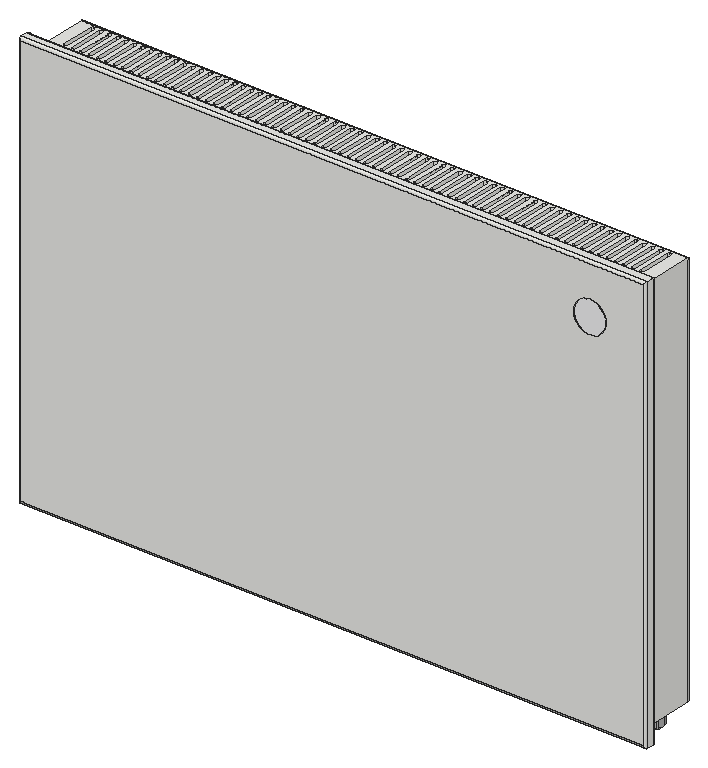
Revit family "Mondo", category Mechanical Equipment, Revit 2020 (continued)
Forms (mm)
  Extrusion 147, void
    sketch origin (-524.247, -2.968, 0) x (1, 0, 0) y (0, 1, 0)
      loop
        arc (486.747, -59.532) -> (489.247, -62.032) -> (491.747, -59.532) r 2.5
        line (491.747, -59.532) -> (491.747, -39.532)
    from 12 to 22
  Extrusion 148, void
    sketch origin (-519.247, 23.032, 0) x (1, 0, 0) y (0, 1, 0)
      loop
        line (491.747, -38.032) -> (486.747, -38.032) -> (486.747, -59.532)
        arc (486.747, -59.532) -> (489.247, -62.032) -> (491.747, -59.532) r 2.5
        line (491.747, -59.532) -> (491.747, -38.032)
    from 12 to 17
  Extrusion 149, void
    sketch origin (-534.247, -2.968, 0) x (1, 0, 0) y (0, 1, 0)
      loop
        arc (491.747, -39.532) -> (489.247, -37.032) -> (486.747, -39.532) r 2.5
        line (486.747, -39.532) -> (486.747, -59.532)
        arc (486.747, -59.532) -> (489.247, -62.032) -> (491.747, -59.532) r 2.5
        line (491.747, -59.532) -> (491.747, -39.532)
    from 12 to 22
  Extrusion 150, void
    sketch origin (-529.247, 23.032, 0) x (1, 0, 0) y (0, 1, 0)
      loop
        line (491.747, -38.032) -> (486.747, -38.032) -> (486.747, -59.532)
        arc (486.747, -59.532) -> (489.247, -62.032) -> (491.747, -59.532) r 2.5
        line (491.747, -59.532) -> (491.747, -38.032)
    from 12 to 17
  Extrusion 151, void
    sketch origin (-544.247, -2.968, 0) x (1, 0, 0) y (0, 1, 0)
      loop
        arc (491.747, -39.532) -> (489.247, -37.032) -> (486.747, -39.532) r 2.5
        line (486.747, -39.532) -> (486.747, -59.532)
        arc (486.747, -59.532) -> (489.247, -62.032) -> (491.747, -59.532) r 2.5
        line (491.747, -59.532) -> (491.747, -39.532)
    from 12 to 22
  Extrusion 152, void
    sketch origin (-539.247, 23.032, 0) x (1, 0, 0) y (0, 1, 0)
      loop
        line (491.747, -38.032) -> (486.747, -38.032) -> (486.747, -59.532)
        arc (486.747, -59.532) -> (489.247, -62.032) -> (491.747, -59.532) r 2.5
        line (491.747, -59.532) -> (491.747, -38.032)
    from 12 to 17
  Extrusion 153, void
    sketch origin (-554.247, -2.968, 0) x (1, 0, 0) y (0, 1, 0)
      loop
        arc (491.747, -39.532) -> (489.247, -37.032) -> (486.747, -39.532) r 2.5
        line (486.747, -39.532) -> (486.747, -59.532)
        arc (486.747, -59.532) -> (489.247, -62.032) -> (491.747, -59.532) r 2.5
        line (491.747, -59.532) -> (491.747, -39.532)
    from 12 to 22
  Extrusion 154, void
    sketch origin (-549.247, 23.032, 0) x (1, 0, 0) y (0, 1, 0)
      loop
        line (491.747, -38.032) -> (486.747, -38.032) -> (486.747, -59.532)
        arc (486.747, -59.532) -> (489.247, -62.032) -> (491.747, -59.532) r 2.5
        line (491.747, -59.532) -> (491.747, -38.032)
    from 12 to 17
  Extrusion 155, void
    sketch origin (-564.247, -2.968, 0) x (1, 0, 0) y (0, 1, 0)
      loop
        arc (491.747, -39.532) -> (489.247, -37.032) -> (486.747, -39.532) r 2.5
        line (486.747, -39.532) -> (486.747, -59.532)
        arc (486.747, -59.532) -> (489.247, -62.032) -> (491.747, -59.532) r 2.5
        line (491.747, -59.532) -> (491.747, -39.532)
    from 12 to 22
  Extrusion 156, void
    sketch origin (-559.247, 23.032, 0) x (1, 0, 0) y (0, 1, 0)
      loop
        line (491.747, -38.032) -> (486.747, -38.032) -> (486.747, -59.532)
        arc (486.747, -59.532) -> (489.247, -62.032) -> (491.747, -59.532) r 2.5
        line (491.747, -59.532) -> (491.747, -38.032)
    from 12 to 17
  Extrusion 157, void
    sketch origin (-574.247, -2.968, 0) x (1, 0, 0) y (0, 1, 0)
      loop
        arc (491.747, -39.532) -> (489.247, -37.032) -> (486.747, -39.532) r 2.5
        line (486.747, -39.532) -> (486.747, -59.532)
        arc (486.747, -59.532) -> (489.247, -62.032) -> (491.747, -59.532) r 2.5
        line (491.747, -59.532) -> (491.747, -39.532)
    from 12 to 22
  Extrusion 158, void
    sketch origin (-569.247, 23.032, 0) x (1, 0, 0) y (0, 1, 0)
      loop
        line (491.747, -38.032) -> (486.747, -38.032) -> (486.747, -59.532)
        arc (486.747, -59.532) -> (489.247, -62.032) -> (491.747, -59.532) r 2.5
        line (491.747, -59.532) -> (491.747, -38.032)
    from 12 to 17
  Extrusion 159, void
    sketch origin (-584.247, -2.968, 0) x (1, 0, 0) y (0, 1, 0)
      loop
        arc (491.747, -39.532) -> (489.247, -37.032) -> (486.747, -39.532) r 2.5
        line (486.747, -39.532) -> (486.747, -59.532)
        arc (486.747, -59.532) -> (489.247, -62.032) -> (491.747, -59.532) r 2.5
        line (491.747, -59.532) -> (491.747, -39.532)
    from 12 to 22
  Extrusion 160, void
    sketch origin (-579.247, 23.032, 0) x (1, 0, 0) y (0, 1, 0)
      loop
        line (491.747, -38.032) -> (486.747, -38.032) -> (486.747, -59.532)
        arc (486.747, -59.532) -> (489.247, -62.032) -> (491.747, -59.532) r 2.5
        line (491.747, -59.532) -> (491.747, -38.032)
    from 12 to 17
  Extrusion 161, void
    sketch origin (-594.247, -2.968, 0) x (1, 0, 0) y (0, 1, 0)
      loop
        arc (491.747, -39.532) -> (489.247, -37.032) -> (486.747, -39.532) r 2.5
        line (486.747, -39.532) -> (486.747, -59.532)
        arc (486.747, -59.532) -> (489.247, -62.032) -> (491.747, -59.532) r 2.5
        line (491.747, -59.532) -> (491.747, -39.532)
    from 12 to 22
  Extrusion 162, void
    sketch origin (-589.247, 23.032, 0) x (1, 0, 0) y (0, 1, 0)
      loop
        line (491.747, -38.032) -> (486.747, -38.032) -> (486.747, -59.532)
        arc (486.747, -59.532) -> (489.247, -62.032) -> (491.747, -59.532) r 2.5
        line (491.747, -59.532) -> (491.747, -38.032)
    from 12 to 17
  Extrusion 163, void
    sketch origin (-604.247, -2.968, 0) x (1, 0, 0) y (0, 1, 0)
      loop
        arc (491.747, -39.532) -> (489.247, -37.032) -> (486.747, -39.532) r 2.5
        line (486.747, -39.532) -> (486.747, -59.532)
        arc (486.747, -59.532) -> (489.247, -62.032) -> (491.747, -59.532) r 2.5
        line (491.747, -59.532) -> (491.747, -39.532)
    from 12 to 22
  Extrusion 164, void
    sketch origin (-599.247, 23.032, 0) x (1, 0, 0) y (0, 1, 0)
      loop
        line (491.747, -38.032) -> (486.747, -38.032) -> (486.747, -59.532)
        arc (486.747, -59.532) -> (489.247, -62.032) -> (491.747, -59.532) r 2.5
        line (491.747, -59.532) -> (491.747, -38.032)
    from 12 to 17
  Extrusion 165, void
    sketch origin (-614.247, -2.968, 0) x (1, 0, 0) y (0, 1, 0)
      loop
        arc (491.747, -39.532) -> (489.247, -37.032) -> (486.747, -39.532) r 2.5
        line (486.747, -39.532) -> (486.747, -59.532)
        arc (486.747, -59.532) -> (489.247, -62.032) -> (491.747, -59.532) r 2.5
        line (491.747, -59.532) -> (491.747, -39.532)
    from 12 to 22
  Extrusion 166, void
    sketch origin (-609.247, 23.032, 0) x (1, 0, 0) y (0, 1, 0)
      loop
        line (491.747, -38.032) -> (486.747, -38.032) -> (486.747, -59.532)
        arc (486.747, -59.532) -> (489.247, -62.032) -> (491.747, -59.532) r 2.5
        line (491.747, -59.532) -> (491.747, -38.032)
    from 12 to 17
  Extrusion 167, void
    sketch origin (-624.247, -2.968, 0) x (1, 0, 0) y (0, 1, 0)
      loop
        arc (491.747, -39.532) -> (489.247, -37.032) -> (486.747, -39.532) r 2.5
        line (486.747, -39.532) -> (486.747, -59.532)
        arc (486.747, -59.532) -> (489.247, -62.032) -> (491.747, -59.532) r 2.5
        line (491.747, -59.532) -> (491.747, -39.532)
    from 12 to 22
  Extrusion 168, void
    sketch origin (-619.247, 23.032, 0) x (1, 0, 0) y (0, 1, 0)
      loop
        line (491.747, -38.032) -> (486.747, -38.032) -> (486.747, -59.532)
        arc (486.747, -59.532) -> (489.247, -62.032) -> (491.747, -59.532) r 2.5
        line (491.747, -59.532) -> (491.747, -38.032)
    from 12 to 17
  Extrusion 169, void
    sketch origin (-634.247, -2.968, 0) x (1, 0, 0) y (0, 1, 0)
      loop
        arc (491.747, -39.532) -> (489.247, -37.032) -> (486.747, -39.532) r 2.5
        line (486.747, -39.532) -> (486.747, -59.532)
        arc (486.747, -59.532) -> (489.247, -62.032) -> (491.747, -59.532) r 2.5
        line (491.747, -59.532) -> (491.747, -39.532)
    from 12 to 22
  Extrusion 170, void
    sketch origin (-629.247, 23.032, 0) x (1, 0, 0) y (0, 1, 0)
      loop
        line (491.747, -38.032) -> (486.747, -38.032) -> (486.747, -59.532)
        arc (486.747, -59.532) -> (489.247, -62.032) -> (491.747, -59.532) r 2.5
        line (491.747, -59.532) -> (491.747, -38.032)
    from 12 to 17
  Extrusion 171, void
    sketch origin (-644.247, -2.968, 0) x (1, 0, 0) y (0, 1, 0)
      loop
        arc (491.747, -39.532) -> (489.247, -37.032) -> (486.747, -39.532) r 2.5
        line (486.747, -39.532) -> (486.747, -59.532)
        arc (486.747, -59.532) -> (489.247, -62.032) -> (491.747, -59.532) r 2.5
        line (491.747, -59.532) -> (491.747, -39.532)
    from 12 to 22
  Extrusion 172, void
    sketch origin (-639.247, 23.032, 0) x (1, 0, 0) y (0, 1, 0)
      loop
        line (491.747, -38.032) -> (486.747, -38.032) -> (486.747, -59.532)
        arc (486.747, -59.532) -> (489.247, -62.032) -> (491.747, -59.532) r 2.5
        line (491.747, -59.532) -> (491.747, -38.032)
    from 12 to 17
  Extrusion 173, void
    sketch origin (-654.247, -2.968, 0) x (1, 0, 0) y (0, 1, 0)
      loop
        arc (491.747, -39.532) -> (489.247, -37.032) -> (486.747, -39.532) r 2.5
        line (486.747, -39.532) -> (486.747, -59.532)
        arc (486.747, -59.532) -> (489.247, -62.032) -> (491.747, -59.532) r 2.5
        line (491.747, -59.532) -> (491.747, -39.532)
    from 12 to 22
  Extrusion 174, void
    sketch origin (-649.247, 23.032, 0) x (1, 0, 0) y (0, 1, 0)
      loop
        line (491.747, -38.032) -> (486.747, -38.032) -> (486.747, -59.532)
        arc (486.747, -59.532) -> (489.247, -62.032) -> (491.747, -59.532) r 2.5
        line (491.747, -59.532) -> (491.747, -38.032)
    from 12 to 17
  Extrusion 175, void
    sketch origin (-664.247, -2.968, 0) x (1, 0, 0) y (0, 1, 0)
      loop
        arc (491.747, -39.532) -> (489.247, -37.032) -> (486.747, -39.532) r 2.5
        line (486.747, -39.532) -> (486.747, -59.532)
        arc (486.747, -59.532) -> (489.247, -62.032) -> (491.747, -59.532) r 2.5
        line (491.747, -59.532) -> (491.747, -39.532)
    from 12 to 22
  Extrusion 176, void
    sketch origin (-659.247, 23.032, 0) x (1, 0, 0) y (0, 1, 0)
      loop
        line (491.747, -38.032) -> (486.747, -38.032) -> (486.747, -59.532)
        arc (486.747, -59.532) -> (489.247, -62.032) -> (491.747, -59.532) r 2.5
        line (491.747, -59.532) -> (491.747, -38.032)
    from 12 to 17
  Extrusion 177, void
    sketch origin (-674.247, -2.968, 0) x (1, 0, 0) y (0, 1, 0)
      loop
        arc (491.747, -39.532) -> (489.247, -37.032) -> (486.747, -39.532) r 2.5
        line (486.747, -39.532) -> (486.747, -59.532)
        arc (486.747, -59.532) -> (489.247, -62.032) -> (491.747, -59.532) r 2.5
        line (491.747, -59.532) -> (491.747, -39.532)
    from 12 to 22
  Extrusion 178, void
    sketch origin (-669.247, 23.032, 0) x (1, 0, 0) y (0, 1, 0)
      loop
        line (491.747, -38.032) -> (486.747, -38.032) -> (486.747, -59.532)
        arc (486.747, -59.532) -> (489.247, -62.032) -> (491.747, -59.532) r 2.5
        line (491.747, -59.532) -> (491.747, -38.032)
    from 12 to 17
  Extrusion 179, void
    sketch origin (-684.247, -2.968, 0) x (1, 0, 0) y (0, 1, 0)
      loop
        arc (491.747, -39.532) -> (489.247, -37.032) -> (486.747, -39.532) r 2.5
        line (486.747, -39.532) -> (486.747, -59.532)
        arc (486.747, -59.532) -> (489.247, -62.032) -> (491.747, -59.532) r 2.5
        line (491.747, -59.532) -> (491.747, -39.532)
    from 12 to 22
  Extrusion 180, void
    sketch origin (-679.247, 23.032, 0) x (1, 0, 0) y (0, 1, 0)
      loop
        line (491.747, -38.032) -> (486.747, -38.032) -> (486.747, -59.532)
        arc (486.747, -59.532) -> (489.247, -62.032) -> (491.747, -59.532) r 2.5
        line (491.747, -59.532) -> (491.747, -38.032)
    from 12 to 17
  Extrusion 181, void
    sketch origin (-694.247, -2.968, 0) x (1, 0, 0) y (0, 1, 0)
      loop
        arc (491.747, -39.532) -> (489.247, -37.032) -> (486.747, -39.532) r 2.5
        line (486.747, -39.532) -> (486.747, -59.532)
        arc (486.747, -59.532) -> (489.247, -62.032) -> (491.747, -59.532) r 2.5
        line (491.747, -59.532) -> (491.747, -39.532)
    from 12 to 22
  Extrusion 182, void
    sketch origin (-689.247, 23.032, 0) x (1, 0, 0) y (0, 1, 0)
      loop
        line (491.747, -38.032) -> (486.747, -38.032) -> (486.747, -59.532)
        arc (486.747, -59.532) -> (489.247, -62.032) -> (491.747, -59.532) r 2.5
        line (491.747, -59.532) -> (491.747, -38.032)
    from 12 to 17
  Extrusion 183, void
    sketch origin (-704.247, -2.968, 0) x (1, 0, 0) y (0, 1, 0)
      loop
        arc (491.747, -39.532) -> (489.247, -37.032) -> (486.747, -39.532) r 2.5
        line (486.747, -39.532) -> (486.747, -59.532)
        arc (486.747, -59.532) -> (489.247, -62.032) -> (491.747, -59.532) r 2.5
        line (491.747, -59.532) -> (491.747, -39.532)
    from 12 to 22
  Extrusion 184, void
    sketch origin (-699.247, 23.032, 0) x (1, 0, 0) y (0, 1, 0)
      loop
        line (491.747, -38.032) -> (486.747, -38.032) -> (486.747, -59.532)
        arc (486.747, -59.532) -> (489.247, -62.032) -> (491.747, -59.532) r 2.5
        line (491.747, -59.532) -> (491.747, -38.032)
    from 12 to 17
  Extrusion 185, void
    sketch origin (-714.247, -2.968, 0) x (1, 0, 0) y (0, 1, 0)
      loop
        arc (491.747, -39.532) -> (489.247, -37.032) -> (486.747, -39.532) r 2.5
        line (486.747, -39.532) -> (486.747, -59.532)
        arc (486.747, -59.532) -> (489.247, -62.032) -> (491.747, -59.532) r 2.5
        line (491.747, -59.532) -> (491.747, -39.532)
    from 12 to 22
  Extrusion 186, void
    sketch origin (-709.247, 23.032, 0) x (1, 0, 0) y (0, 1, 0)
      loop
        line (491.747, -38.032) -> (486.747, -38.032) -> (486.747, -59.532)
        arc (486.747, -59.532) -> (489.247, -62.032) -> (491.747, -59.532) r 2.5
        line (491.747, -59.532) -> (491.747, -38.032)
    from 12 to 17
  Extrusion 187, void
    sketch origin (-724.247, -2.968, 0) x (1, 0, 0) y (0, 1, 0)
      loop
        arc (491.747, -39.532) -> (489.247, -37.032) -> (486.747, -39.532) r 2.5
        line (486.747, -39.532) -> (486.747, -59.532)
        arc (486.747, -59.532) -> (489.247, -62.032) -> (491.747, -59.532) r 2.5
        line (491.747, -59.532) -> (491.747, -39.532)
    from 12 to 22
  Extrusion 188, void
    sketch origin (-719.247, 23.032, 0) x (1, 0, 0) y (0, 1, 0)
      loop
        line (491.747, -38.032) -> (486.747, -38.032) -> (486.747, -59.532)
        arc (486.747, -59.532) -> (489.247, -62.032) -> (491.747, -59.532) r 2.5
        line (491.747, -59.532) -> (491.747, -38.032)
    from 12 to 17
  Extrusion 189, void
    sketch origin (-734.247, -2.968, 0) x (1, 0, 0) y (0, 1, 0)
      loop
        arc (491.747, -39.532) -> (489.247, -37.032) -> (486.747, -39.532) r 2.5
        line (486.747, -39.532) -> (486.747, -59.532)
        arc (486.747, -59.532) -> (489.247, -62.032) -> (491.747, -59.532) r 2.5
        line (491.747, -59.532) -> (491.747, -39.532)
    from 12 to 22
  Extrusion 190, void
    sketch origin (-729.247, 23.032, 0) x (1, 0, 0) y (0, 1, 0)
      loop
        line (491.747, -38.032) -> (486.747, -38.032) -> (486.747, -59.532)
        arc (486.747, -59.532) -> (489.247, -62.032) -> (491.747, -59.532) r 2.5
        line (491.747, -59.532) -> (491.747, -38.032)
    from 12 to 17
  Extrusion 191, void
    sketch origin (0, 0, 0) x (1, 0, 0) y (0, 0, 1)
      loop
        circle (308, 440) r 19
    from 81 to 95
  Extrusion 192, solid, detail levels coarse
    sketch origin (0, 0, 0) x (1, 0, 0) y (0, 1, 0)
      loop
        line (-375, -15) -> (-375, -95) -> (375, -95) -> (375, -15) -> (-375, -15)
    from 0 to 500
Cuts and joins
  Sweep 4, Extrusion 5, Extrusion 6, Extrusion 7, Extrusion 8, Extrusion 9, Extrusion 10, Extrusion 11, Extrusion 12, Extrusion 13, Extrusion 14, Extrusion 15, Extrusion 16, Extrusion 17, Extrusion 18, Extrusion 19, Extrusion 20, Extrusion 21, Extrusion 22, Extrusion 23, Extrusion 24, Extrusion 25, Extrusion 26, Extrusion 29, Extrusion 30, Extrusion 31, Extrusion 32, Extrusion 33, Extrusion 34, Extrusion 35, Extrusion 36, Extrusion 37, Extrusion 38, Extrusion 39, Extrusion 40, Extrusion 41, Extrusion 42, Extrusion 43, Extrusion 44, Extrusion 45, Extrusion 46, Extrusion 47, Extrusion 48, Extrusion 49, Extrusion 50, Extrusion 51, Extrusion 52, Extrusion 53, Extrusion 54, Extrusion 55, Extrusion 56, Extrusion 57, Extrusion 58, Extrusion 59, Extrusion 60, Extrusion 61, Extrusion 62, Extrusion 63, Extrusion 64, Extrusion 65, Extrusion 66, Extrusion 67, Extrusion 68, Extrusion 69, Extrusion 70, Extrusion 71, Extrusion 72, Extrusion 73, Extrusion 74, Extrusion 75, Extrusion 76, Extrusion 77, Extrusion 78, Extrusion 79, Extrusion 80, Extrusion 81, Extrusion 82, Extrusion 83, Extrusion 84, Extrusion 85, Extrusion 86, Extrusion 87, Extrusion 88, Extrusion 89, Extrusion 90, Extrusion 91, Extrusion 92, Extrusion 93, Extrusion 94, Extrusion 95, Extrusion 96, Extrusion 97, Extrusion 98, Extrusion 99, Extrusion 100, Extrusion 101, Extrusion 102, Extrusion 103, Extrusion 104, Extrusion 105, Extrusion 106, Extrusion 107, Extrusion 108, Extrusion 109, Extrusion 110, Extrusion 111, Extrusion 112, Extrusion 113, Extrusion 114, Extrusion 115, Extrusion 116, Extrusion 117, Extrusion 118, Extrusion 119, Extrusion 120, Extrusion 121, Extrusion 122, Extrusion 123, Extrusion 124, Extrusion 125, Extrusion 126, Extrusion 127, Extrusion 128, Extrusion 129, Extrusion 130, Extrusion 131, Extrusion 132, Extrusion 133, Extrusion 134, Extrusion 135, Extrusion 136, Extrusion 137, Extrusion 138, Extrusion 139, Extrusion 140, Extrusion 141, Extrusion 142, Extrusion 143, Extrusion 144, Extrusion 145, Extrusion 146, Extrusion 147, Extrusion 148, Extrusion 149, Extrusion 150, Extrusion 151, Extrusion 152, Extrusion 153, Extrusion 154, Extrusion 155, Extrusion 156, Extrusion 157, Extrusion 158, Extrusion 159, Extrusion 160, Extrusion 161, Extrusion 162, Extrusion 163, Extrusion 164, Extrusion 165, Extrusion 166, Extrusion 167, Extrusion 168, Extrusion 169, Extrusion 170, Extrusion 171, Extrusion 172, Extrusion 173, Extrusion 174, Extrusion 175, Extrusion 176, Extrusion 177, Extrusion 178, Extrusion 179, Extrusion 180, Extrusion 181, Extrusion 182, Extrusion 183, Extrusion 184, Extrusion 185, Extrusion 186, Extrusion 187, Extrusion 188, Extrusion 189, Extrusion 190 cuts Extrusion 3
  Sweep 2, Extrusion 191 cuts Extrusion 1
Lines and regions (mm)
  sketch lines
    curve 1: line (375, -95, 500) -> (-375, -95, 500)
    curve 2: line (375, -95, 0) -> (375, -95, 500)
    curve 3: line (-375, -95, 0) -> (375, -95, 0)
    curve 4: line (-375, -95, 500) -> (-375, -95, 0)
    curve 5: line (363, -81, 488) -> (-363, -81, 488)
    curve 6: line (363, -81, 12) -> (363, -81, 488)
    curve 7: line (-363, -81, 12) -> (363, -81, 12)
    curve 8: line (-363, -81, 488) -> (-363, -81, 12)
Dimensions and locks
  "Breedte": plane 5 to plane 4
  equal spacing: plane 5, plane 3 "Center (Left/Right)", plane 4
  "Hoogte": plane 6 to level
  locked: plane 9 to plane 4 at 12
  locked: plane 5 to plane 11 at 12
  locked: plane 6 to plane 10 at 12
  locked: plane 12 to level at 12
  "Diepte": plane 8 to plane 7
  equal spacing: group 1, group 2, group 3, group 4, group 5, group 6, group 7, group 8, group 9, group 10, group 11, group 12, group 13, group 14, group 15, group 16, group 17, group 18, group 19, group 20, group 21, group 22, group 23, group 24, group 25, group 26, group 27, group 28, group 29, group 30, group 31, group 32, group 33, group 34, group 35  (x3)
  equal spacing: group 70, group 69, group 68, group 67, group 66, group 65, group 64, group 63, group 62, group 61, group 60, group 59, group 58, group 57, group 56, group 55, group 54, group 53, group 52, group 51, group 50, group 49, group 48, group 47, group 46, group 45, group 44, group 43, group 42, group 41, group 40, group 39, group 38, group 37, group 36
  equal spacing: group 36, group 37, group 38, group 39, group 40, group 41, group 42, group 43, group 44, group 45, group 46, group 47, group 48, group 49, group 50, group 51, group 52, group 53, group 54, group 55, group 56, group 57, group 58, group 59, group 60, group 61, group 62, group 63, group 64, group 65, group 66, group 67, group 68, group 69, group 70  (x2)
  locked: Revolve 28 to plane 5 at 21
  locked: Extrusion 27 to plane 5 at 14
  equal spacing: group 71, group 72, group 73, group 74, group 75, group 76, group 77, group 78, group 79, group 80, group 81, group 82, group 83, group 84, group 85, group 86, group 87, group 88, group 89, group 90, group 91, group 92, group 93, group 94  (x3)
  equal spacing: group 118, group 117, group 116, group 115, group 114, group 113, group 112, group 111, group 110, group 109, group 108, group 107, group 106, group 105, group 104, group 103, group 102, group 101, group 100, group 99, group 98, group 97, group 96, group 95
  equal spacing: group 95, group 96, group 97, group 98, group 99, group 100, group 101, group 102, group 103, group 104, group 105, group 106, group 107, group 108, group 109, group 110, group 111, group 112, group 113, group 114, group 115, group 116, group 117, group 118  (x2)
  cut or joined group 1 (Extrusion 3, Sweep 4, Extrusion 5, Extrusion 6, Extrusion 7, Extrusion 8, Extrusion 9, Extrusion 10, Extrusion 11, Extrusion 12, Extrusion 13, Extrusion 14, Extrusion 15, Extrusion 16, Extrusion 17, Extrusion 18, Extrusion 19, Extrusion 20, Extrusion 21, Extrusion 22, Extrusion 23, Extrusion 24, Extrusion 25, Extrusion 26, Extrusion 29, Extrusion 30, Extrusion 31, Extrusion 32, Extrusion 33, Extrusion 34, Extrusion 35, Extrusion 36, Extrusion 37, Extrusion 38, Extrusion 39, Extrusion 40, Extrusion 41, Extrusion 42, Extrusion 43, Extrusion 44, Extrusion 45, Extrusion 46, Extrusion 47, Extrusion 48, Extrusion 49, Extrusion 50, Extrusion 51, Extrusion 52, Extrusion 53, Extrusion 54, Extrusion 55, Extrusion 56, Extrusion 57, Extrusion 58, Extrusion 59, Extrusion 60, Extrusion 61, Extrusion 62, Extrusion 63, Extrusion 64, Extrusion 65, Extrusion 66, Extrusion 67, Extrusion 68, Extrusion 69, Extrusion 70, Extrusion 71, Extrusion 72, Extrusion 73, Extrusion 74, Extrusion 75, Extrusion 76, Extrusion 77, Extrusion 78, Extrusion 79, Extrusion 80, Extrusion 81, Extrusion 82, Extrusion 83, Extrusion 84, Extrusion 85, Extrusion 86, Extrusion 87, Extrusion 88, Extrusion 89, Extrusion 90, Extrusion 91, Extrusion 92, Extrusion 93, Extrusion 94, Extrusion 95, Extrusion 96, Extrusion 97, Extrusion 98, Extrusion 99, Extrusion 100, Extrusion 101, Extrusion 102, Extrusion 103, Extrusion 104, Extrusion 105, Extrusion 106, Extrusion 107, Extrusion 108, Extrusion 109, Extrusion 110, Extrusion 111, Extrusion 112, Extrusion 113, Extrusion 114, Extrusion 115, Extrusion 116, Extrusion 117, Extrusion 118, Extrusion 119, Extrusion 120, Extrusion 121, Extrusion 122, Extrusion 123, Extrusion 124, Extrusion 125, Extrusion 126, Extrusion 127, Extrusion 128, Extrusion 129, Extrusion 130, Extrusion 131, Extrusion 132, Extrusion 133, Extrusion 134, Extrusion 135, Extrusion 136, Extrusion 137, Extrusion 138, Extrusion 139, Extrusion 140, Extrusion 141, Extrusion 142, Extrusion 143, Extrusion 144, Extrusion 145, Extrusion 146, Extrusion 147, Extrusion 148, Extrusion 149, Extrusion 150, Extrusion 151, Extrusion 152, Extrusion 153, Extrusion 154, Extrusion 155, Extrusion 156, Extrusion 157, Extrusion 158, Extrusion 159, Extrusion 160, Extrusion 161, Extrusion 162, Extrusion 163, Extrusion 164, Extrusion 165, Extrusion 166, Extrusion 167, Extrusion 168, Extrusion 169, Extrusion 170, Extrusion 171, Extrusion 172, Extrusion 173, Extrusion 174, Extrusion 175, Extrusion 176, Extrusion 177, Extrusion 178, Extrusion 179, Extrusion 180, Extrusion 181, Extrusion 182, Extrusion 183, Extrusion 184, Extrusion 185, Extrusion 186, Extrusion 187, Extrusion 188, Extrusion 189, Extrusion 190) to cut or joined group 1 to plane 5 = 10 mm locked, 53 mm locked
  plane 4 to cut or joined group 1 to cut or joined group 1 to cut or joined group of Extrusion 3, Sweep 4, Extrusion 5, Extrusion 6, Extrusion 7, Extrusion 8, Extrusion 9, Extrusion 10, Extrusion 11, Extrusion 12, Extrusion 13, Extrusion 14, Extrusion 15, Extrusion 16, Extrusion 17, Extrusion 18, Extrusion 19, Extrusion 20, Extrusion 21, Extrusion 22, Extrusion 23, Extrusion 24, Extrusion 25, Extrusion 26, Extrusion 29, Extrusion 30, Extrusion 31, Extrusion 32, Extrusion 33, Extrusion 34, Extrusion 35, Extrusion 36, Extrusion 37, Extrusion 38, Extrusion 39, Extrusion 40, Extrusion 41, Extrusion 42, Extrusion 43, Extrusion 44, Extrusion 45, Extrusion 46, Extrusion 47, Extrusion 48, Extrusion 49, Extrusion 50, Extrusion 51, Extrusion 52, Extrusion 53, Extrusion 54, Extrusion 55, Extrusion 56, Extrusion 57, Extrusion 58, Extrusion 59, Extrusion 60, Extrusion 61, Extrusion 62, Extrusion 63, Extrusion 64, Extrusion 65, Extrusion 66, Extrusion 67, Extrusion 68, Extrusion 69, Extrusion 70, Extrusion 71, Extrusion 72, Extrusion 73, Extrusion 74, Extrusion 75, Extrusion 76, Extrusion 77, Extrusion 78, Extrusion 79, Extrusion 80, Extrusion 81, Extrusion 82, Extrusion 83, Extrusion 84, Extrusion 85, Extrusion 86, Extrusion 87, Extrusion 88, Extrusion 89, Extrusion 90, Extrusion 91, Extrusion 92, Extrusion 93, Extrusion 94, Extrusion 95, Extrusion 96, Extrusion 97, Extrusion 98, Extrusion 99, Extrusion 100, Extrusion 101, Extrusion 102, Extrusion 103, Extrusion 104, Extrusion 105, Extrusion 106, Extrusion 107, Extrusion 108, Extrusion 109, Extrusion 110, Extrusion 111, Extrusion 112, Extrusion 113, Extrusion 114, Extrusion 115, Extrusion 116, Extrusion 117, Extrusion 118, Extrusion 119, Extrusion 120, Extrusion 121, Extrusion 122, Extrusion 123, Extrusion 124, Extrusion 125, Extrusion 126, Extrusion 127, Extrusion 128, Extrusion 129, Extrusion 130, Extrusion 131, Extrusion 132, Extrusion 133, Extrusion 134, Extrusion 135, Extrusion 136, Extrusion 137, Extrusion 138, Extrusion 139, Extrusion 140, Extrusion 141, Extrusion 142, Extrusion 143, Extrusion 144, Extrusion 145, Extrusion 146, Extrusion 147, Extrusion 148, Extrusion 149, Extrusion 150, Extrusion 151, Extrusion 152, Extrusion 153, Extrusion 154, Extrusion 155, Extrusion 156, Extrusion 157, Extrusion 158, Extrusion 159, Extrusion 160, Extrusion 161, Extrusion 162, Extrusion 163, Extrusion 164, Extrusion 165, Extrusion 166, Extrusion 167, Extrusion 168, Extrusion 169, Extrusion 170, Extrusion 171, Extrusion 172, Extrusion 173, Extrusion 174, Extrusion 175, Extrusion 176, Extrusion 177, Extrusion 178, Extrusion 179, Extrusion 180, Extrusion 18
    1, Extrusion 182, Extrusion 183, Extrusion 184, Extrusion 185, Extrusion 186, Extrusion 187, Extrusion 188, Extrusion 189, Extrusion 190 to cut or joined group 1 to cut or joined group 1 = 28 mm locked, 10 mm locked, 10 mm locked, 10 mm locked, 10 mm locked
  locked: nested 2 to plane 5 at 23
  locked: plane 10 to plane 14 at 94
  locked: plane 6 to nested 5 at 60
  locked: plane 5 to nested 5 at 67
  aligned and locked: level to plane 2
  aligned and locked: Extrusion 1 sketch curve to plane 4
  aligned and locked: Extrusion 1 sketch curve to plane 6
  aligned and locked: Extrusion 1 sketch curve to plane 5
  aligned and locked: Extrusion 1 sketch curve to level
  aligned and locked: Extrusion 3 sketch curve to plane 10
  aligned and locked: Extrusion 3 sketch curve to plane 11
  aligned and locked: Extrusion 3 sketch curve to plane 12
  aligned and locked: Extrusion 3 sketch curve to plane 9
  aligned and locked: cut or joined group 1 to cut or joined group 1  (x13)
  aligned and locked: plane 14 to nested 1
  aligned and locked: plane 14 to nested 3
  aligned and locked: Extrusion 191 sketch curve to nested 5  (x2)
  aligned and locked: plane 8 to Extrusion 191
  aligned and locked: Extrusion 191 to plane 13
  aligned and locked: plane 8 to nested 5
  aligned and locked: nested 4 to plane 11
  aligned and locked: Extrusion 192 sketch curve to plane 8
  aligned and locked: Extrusion 192 sketch curve to plane 5
  aligned and locked: plane 4 to Extrusion 192 sketch curve
  aligned and locked: plane 7 to Extrusion 192 sketch curve
  aligned and locked: plane 6 to Extrusion 192
  aligned and locked: Extrusion 192 to plane 2
Automatic sketch dimensions
  Extrusion 20 sketch curve to Extrusion 20 sketch curve = 2.5 mm
  Extrusion 20 sketch curve to Extrusion 20 sketch curve = 20 mm
  Extrusion 22 sketch curve to Extrusion 22 sketch curve = 2.5 mm
  Extrusion 25 sketch curve to Extrusion 25 sketch curve = 2.5 mm
  Extrusion 25 sketch curve to Extrusion 25 sketch curve = 20 mm
  Extrusion 26 sketch curve to Extrusion 26 sketch curve = 2.5 mm
  Extrusion 29 sketch curve to Extrusion 29 sketch curve = 2.5 mm
  Extrusion 30 sketch curve to Extrusion 30 sketch curve = 2.5 mm
  Extrusion 30 sketch curve to Extrusion 30 sketch curve = 40 mm
  Extrusion 31 sketch curve to Extrusion 31 sketch curve = 2.5 mm
  Extrusion 31 sketch curve to Extrusion 31 sketch curve = 40 mm
  Extrusion 32 sketch curve to Extrusion 32 sketch curve = 2.5 mm
  Extrusion 32 sketch curve to Extrusion 32 sketch curve = 40 mm
  Extrusion 33 sketch curve to Extrusion 33 sketch curve = 2.5 mm
  Extrusion 33 sketch curve to Extrusion 33 sketch curve = 40 mm
  Extrusion 34 sketch curve to Extrusion 34 sketch curve = 2.5 mm
  Extrusion 34 sketch curve to Extrusion 34 sketch curve = 40 mm
  Extrusion 35 sketch curve to Extrusion 35 sketch curve = 2.5 mm
  Extrusion 35 sketch curve to Extrusion 35 sketch curve = 40 mm
  Extrusion 36 sketch curve to Extrusion 36 sketch curve = 2.5 mm
  Extrusion 36 sketch curve to Extrusion 36 sketch curve = 40 mm
  Extrusion 37 sketch curve to Extrusion 37 sketch curve = 2.5 mm
  Extrusion 37 sketch curve to Extrusion 37 sketch curve = 40 mm
  Extrusion 38 sketch curve to Extrusion 38 sketch curve = 2.5 mm
  Extrusion 38 sketch curve to Extrusion 38 sketch curve = 40 mm
  Extrusion 39 sketch curve to Extrusion 39 sketch curve = 2.5 mm
  Extrusion 39 sketch curve to Extrusion 39 sketch curve = 40 mm
  Extrusion 40 sketch curve to Extrusion 40 sketch curve = 2.5 mm
  Extrusion 40 sketch curve to Extrusion 40 sketch curve = 40 mm
  Extrusion 41 sketch curve to Extrusion 41 sketch curve = 2.5 mm
  Extrusion 41 sketch curve to Extrusion 41 sketch curve = 40 mm
  Extrusion 42 sketch curve to Extrusion 42 sketch curve = 2.5 mm
  Extrusion 42 sketch curve to Extrusion 42 sketch curve = 40 mm
  Extrusion 43 sketch curve to Extrusion 43 sketch curve = 2.5 mm
  Extrusion 43 sketch curve to Extrusion 43 sketch curve = 40 mm
  Extrusion 44 sketch curve to Extrusion 44 sketch curve = 2.5 mm
  Extrusion 44 sketch curve to Extrusion 44 sketch curve = 40 mm
  Extrusion 45 sketch curve to Extrusion 45 sketch curve = 2.5 mm
  Extrusion 45 sketch curve to Extrusion 45 sketch curve = 40 mm
  Extrusion 46 sketch curve to Extrusion 46 sketch curve = 2.5 mm
  Extrusion 46 sketch curve to Extrusion 46 sketch curve = 40 mm
  Extrusion 47 sketch curve to Extrusion 47 sketch curve = 2.5 mm
  Extrusion 47 sketch curve to Extrusion 47 sketch curve = 40 mm
  Extrusion 48 sketch curve to Extrusion 48 sketch curve = 2.5 mm
  Extrusion 48 sketch curve to Extrusion 48 sketch curve = 40 mm
  Extrusion 49 sketch curve to Extrusion 49 sketch curve = 2.5 mm
  Extrusion 49 sketch curve to Extrusion 49 sketch curve = 40 mm
  Extrusion 50 sketch curve to Extrusion 50 sketch curve = 2.5 mm
  Extrusion 50 sketch curve to Extrusion 50 sketch curve = 40 mm
  Extrusion 51 sketch curve to Extrusion 51 sketch curve = 2.5 mm
  Extrusion 51 sketch curve to Extrusion 51 sketch curve = 40 mm
  Extrusion 52 sketch curve to Extrusion 52 sketch curve = 2.5 mm
  Extrusion 52 sketch curve to Extrusion 52 sketch curve = 40 mm
  Extrusion 53 sketch curve to Extrusion 53 sketch curve = 2.5 mm
  Extrusion 53 sketch curve to Extrusion 53 sketch curve = 40 mm
  Extrusion 54 sketch curve to Extrusion 54 sketch curve = 2.5 mm
  Extrusion 54 sketch curve to Extrusion 54 sketch curve = 40 mm
  Extrusion 55 sketch curve to Extrusion 55 sketch curve = 2.5 mm
  Extrusion 55 sketch curve to Extrusion 55 sketch curve = 40 mm
  Extrusion 56 sketch curve to Extrusion 56 sketch curve = 2.5 mm
  Extrusion 56 sketch curve to Extrusion 56 sketch curve = 40 mm
  Extrusion 57 sketch curve to Extrusion 57 sketch curve = 2.5 mm
  Extrusion 57 sketch curve to Extrusion 57 sketch curve = 40 mm
  Extrusion 58 sketch curve to Extrusion 58 sketch curve = 2.5 mm
  Extrusion 58 sketch curve to Extrusion 58 sketch curve = 40 mm
  Extrusion 59 sketch curve to Extrusion 59 sketch curve = 2.5 mm
  Extrusion 59 sketch curve to Extrusion 59 sketch curve = 40 mm
  Extrusion 60 sketch curve to Extrusion 60 sketch curve = 2.5 mm
  Extrusion 60 sketch curve to Extrusion 60 sketch curve = 40 mm
  Extrusion 61 sketch curve to Extrusion 61 sketch curve = 2.5 mm
  Extrusion 61 sketch curve to Extrusion 61 sketch curve = 40 mm
  Extrusion 62 sketch curve to Extrusion 62 sketch curve = 2.5 mm
  Extrusion 62 sketch curve to Extrusion 62 sketch curve = 40 mm
  Extrusion 63 sketch curve to Extrusion 63 sketch curve = 2.5 mm
  Extrusion 63 sketch curve to Extrusion 63 sketch curve = 40 mm
  Extrusion 64 sketch curve to Extrusion 64 sketch curve = 2.5 mm
  Extrusion 64 sketch curve to Extrusion 64 sketch curve = 40 mm
  Extrusion 29 sketch curve to Extrusion 29 sketch curve = 40 mm
  Extrusion 65 sketch curve to Extrusion 65 sketch curve = 2.5 mm
  Extrusion 65 sketch curve to Extrusion 65 sketch curve = 40 mm
  Extrusion 66 sketch curve to Extrusion 66 sketch curve = 2.5 mm
  Extrusion 66 sketch curve to Extrusion 66 sketch curve = 40 mm
  Extrusion 67 sketch curve to Extrusion 67 sketch curve = 2.5 mm
  Extrusion 67 sketch curve to Extrusion 67 sketch curve = 40 mm
  Extrusion 68 sketch curve to Extrusion 68 sketch curve = 2.5 mm
  Extrusion 68 sketch curve to Extrusion 68 sketch curve = 40 mm
  Extrusion 69 sketch curve to Extrusion 69 sketch curve = 2.5 mm
  Extrusion 69 sketch curve to Extrusion 69 sketch curve = 40 mm
  Extrusion 70 sketch curve to Extrusion 70 sketch curve = 2.5 mm
  Extrusion 70 sketch curve to Extrusion 70 sketch curve = 40 mm
  Extrusion 71 sketch curve to Extrusion 71 sketch curve = 2.5 mm
  Extrusion 71 sketch curve to Extrusion 71 sketch curve = 40 mm
  Extrusion 72 sketch curve to Extrusion 72 sketch curve = 2.5 mm
  Extrusion 72 sketch curve to Extrusion 72 sketch curve = 40 mm
  Extrusion 73 sketch curve to Extrusion 73 sketch curve = 2.5 mm
  Extrusion 73 sketch curve to Extrusion 73 sketch curve = 40 mm
  Extrusion 74 sketch curve to Extrusion 74 sketch curve = 2.5 mm
  Extrusion 74 sketch curve to Extrusion 74 sketch curve = 40 mm
  Extrusion 75 sketch curve to Extrusion 75 sketch curve = 2.5 mm
  Extrusion 75 sketch curve to Extrusion 75 sketch curve = 40 mm
  Extrusion 76 sketch curve to Extrusion 76 sketch curve = 2.5 mm
  Extrusion 76 sketch curve to Extrusion 76 sketch curve = 40 mm
  Extrusion 77 sketch curve to Extrusion 77 sketch curve = 2.5 mm
  Extrusion 77 sketch curve to Extrusion 77 sketch curve = 40 mm
  Extrusion 78 sketch curve to Extrusion 78 sketch curve = 2.5 mm
  Extrusion 78 sketch curve to Extrusion 78 sketch curve = 40 mm
  Extrusion 79 sketch curve to Extrusion 79 sketch curve = 2.5 mm
  Extrusion 79 sketch curve to Extrusion 79 sketch curve = 40 mm
  Extrusion 80 sketch curve to Extrusion 80 sketch curve = 2.5 mm
  Extrusion 80 sketch curve to Extrusion 80 sketch curve = 40 mm
  Extrusion 81 sketch curve to Extrusion 81 sketch curve = 2.5 mm
  Extrusion 81 sketch curve to Extrusion 81 sketch curve = 40 mm
  Extrusion 82 sketch curve to Extrusion 82 sketch curve = 2.5 mm
  Extrusion 82 sketch curve to Extrusion 82 sketch curve = 40 mm
  Extrusion 83 sketch curve to Extrusion 83 sketch curve = 2.5 mm
  Extrusion 83 sketch curve to Extrusion 83 sketch curve = 40 mm
  Extrusion 84 sketch curve to Extrusion 84 sketch curve = 2.5 mm
  Extrusion 84 sketch curve to Extrusion 84 sketch curve = 40 mm
  Extrusion 85 sketch curve to Extrusion 85 sketch curve = 2.5 mm
  Extrusion 85 sketch curve to Extrusion 85 sketch curve = 40 mm
  Extrusion 86 sketch curve to Extrusion 86 sketch curve = 2.5 mm
  Extrusion 86 sketch curve to Extrusion 86 sketch curve = 40 mm
  Extrusion 87 sketch curve to Extrusion 87 sketch curve = 2.5 mm
  Extrusion 87 sketch curve to Extrusion 87 sketch curve = 40 mm
  Extrusion 88 sketch curve to Extrusion 88 sketch curve = 2.5 mm
  Extrusion 88 sketch curve to Extrusion 88 sketch curve = 40 mm
  Extrusion 89 sketch curve to Extrusion 89 sketch curve = 2.5 mm
  Extrusion 89 sketch curve to Extrusion 89 sketch curve = 40 mm
  Extrusion 90 sketch curve to Extrusion 90 sketch curve = 2.5 mm
  Extrusion 90 sketch curve to Extrusion 90 sketch curve = 40 mm
  Extrusion 91 sketch curve to Extrusion 91 sketch curve = 2.5 mm
  Extrusion 91 sketch curve to Extrusion 91 sketch curve = 40 mm
  Extrusion 92 sketch curve to Extrusion 92 sketch curve = 2.5 mm
  Extrusion 92 sketch curve to Extrusion 92 sketch curve = 40 mm
  Extrusion 93 sketch curve to Extrusion 93 sketch curve = 2.5 mm
  Extrusion 93 sketch curve to Extrusion 93 sketch curve = 40 mm
  Extrusion 94 sketch curve to Extrusion 94 sketch curve = 2.5 mm
  Extrusion 94 sketch curve to Extrusion 94 sketch curve = 40 mm
  Extrusion 95 sketch curve to Extrusion 95 sketch curve = 2.5 mm
  Extrusion 95 sketch curve to Extrusion 95 sketch curve = 40 mm
  Extrusion 96 sketch curve to Extrusion 96 sketch curve = 2.5 mm
  Extrusion 96 sketch curve to Extrusion 96 sketch curve = 40 mm
  Extrusion 97 sketch curve to Extrusion 97 sketch curve = 2.5 mm
  Extrusion 97 sketch curve to Extrusion 97 sketch curve = 40 mm
  Extrusion 98 sketch curve to Extrusion 98 sketch curve = 2.5 mm
  Extrusion 98 sketch curve to Extrusion 98 sketch curve = 40 mm
  Extrusion 26 sketch curve to Extrusion 26 sketch curve = 21.5 mm
  Extrusion 99 sketch curve to Extrusion 99 sketch curve = 2.5 mm
  Extrusion 99 sketch curve to Extrusion 99 sketch curve = 20 mm
  Extrusion 100 sketch curve to Extrusion 100 sketch curve = 2.5 mm
  Extrusion 100 sketch curve to Extrusion 100 sketch curve = 21.5 mm
